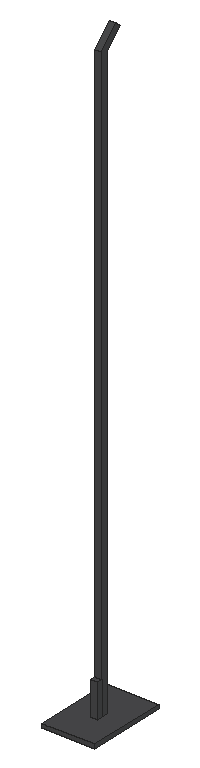
Revit family "REEDEN 3W_LZ68E1WW", category Luminarias, Revit 2019
Family settings
  Cota de conector redondo = Diámetro de uso
  Tipo de pieza = Normal
  Se basa en plano de trabajo = Sí
  Siempre vertical = No
  Corte con vacíos al cargar = No
  Origen de luz = Sí
  Compartido = No
  Punto de cálculo de habitación = No
Parameters (values of type "REEDEN 3W_LZ68E1WW")
  Ángulo de inclinación = 90.00°
  Ángulo de enfoque = 30.00°
  Ángulo de campo de foco = 90.00°
  Zone [instance] = ""
  Watt per fixture = 4
  Wattage = 4 W
  built-in parameter 1150107 = 3000 (stored number, unit not read)
  built-in parameter 1150110 = 1 (stored number, unit not read)
  built-in parameter 1150109 = 1 (stored number, unit not read)
  built-in parameter 1150112 = 1 (stored number, unit not read)
  built-in parameter 1150113 = 1 (stored number, unit not read)
  built-in parameter 1114218 = 1 (stored number, unit not read)
  Keynote = ""
  built-in parameter 1150137 = (empty or 0)
  built-in parameter 1150132 = (empty or 0)
  Modelo = "LZ68E1WW"
  Lámpara = "CITIZEN"
  Longitud de símbolo de origen de luz = 100 mm
  built-in parameter 1150105 = 678.74 (stored number, unit not read)
  built-in parameter 1150102 = (empty or 0)
  built-in parameter 1150106 = 6.7874 (stored number, unit not read)
  Lumens = 203 lm
  Color Filter = 16777215
  built-in parameter 1114217 = 1 (stored number, unit not read)
  built-in parameter 1150139 = (empty or 0)
  Fabricante = "BRILLANT"
  Default Elevation = 0 mm
  built-in parameter 1150104 = 4.7148 (stored number, unit not read)
  Descripción = "LUMINARIA DE PIE DISPONIBLE A UNA ALTURA DE 900MM CON CUERPO DE ALUMINIO Y VIDRIO, IP 54 USO PARA INTERIORES CON UN PESO DE 1.1KG, CUENTA CON 1 LED CITIZEN CON UNA POTENCIA TOTAL DE 4W, A UNA TEMPERATURA EN BLANCO CALIDO 3000K CON 203 LUMENES, EFICIENCIA DE 50.75LM/W, IRC 80, APERTURA A 120 GRADOS EN STOCK, 0.05mA EN CORRIENTE DE OPERACIÓN, ALIMENTADA A 90-240V."
  built-in parameter 1150115 = 1 (stored number, unit not read)
  built-in parameter 1150114 = 1 (stored number, unit not read)
  Comentarios de vataje = "90-240V"
  built-in parameter 1150138 = (empty or 0)
  built-in parameter 1150134 = (empty or 0)
  Circuit [instance] = ""
  Dimming Lamp Color Temperature Shift = (empty or 0)
  built-in parameter 1150133 = 10 (stored number, unit not read)
Reference planes
  plane 1 "Centro (Frontal/Posterior)": y = 0
  plane 2: z = 0
  plane 3 "Centro (Izquierda/Derecha)": x = 0
  plane 4: z = 900
  plane 5: through (0, 274.778, 664.161) normal (0, 0.7071, 0.7071)
  plane 6: through (0, 259.775, 649.157) normal (0, 0.7071, 0.7071)
Forms (mm)
  Extrusion 1, solid, material "Plastico"
    sketch origin (0, 0, 0) x (1, 0, 0) y (0, 1, 0)
      loop
        line (-40, 60) -> (-40, -60) -> (40, -60) -> (40, 60) -> (-40, 60)
    from 0 to 5.401
  Extrusion 2, solid, material "Plastico"
    sketch origin (0, 0, 0) x (0, 1, 0) y (0, 0, 1)
      loop
        line (-3.524, 5.401) -> (6.476, 5.401) -> (6.476, 895.858) -> (30.788, 920.17) -> (23.716, 927.241) -> (-3.524, 900) -> (-3.524, 5.401)
    from -5 to 5
  Extrusion 3, void
    sketch origin (0, 281.81, 111.365) x (1, 0, 0) y (0, 0.707107, 0.707107)
      loop
        arc (-0.664, 387.833) -> (-1.327, 387.558) -> (-1.602, 386.895) r 0.938
        line (-1.602, 386.895) -> (-1.602, 367.546)
        arc (-1.602, 367.546) -> (-1.327, 366.883) -> (-0.664, 366.608) r 0.938
        line (-0.664, 366.608) -> (0.664, 366.608)
        arc (0.664, 366.608) -> (1.327, 366.883) -> (1.602, 367.546) r 0.938
        line (1.602, 367.546) -> (1.602, 386.895)
        arc (1.602, 386.895) -> (1.327, 387.558) -> (0.664, 387.833) r 0.938
        line (0.664, 387.833) -> (-0.664, 387.833)
    from 752.638 to 749.411
  Extrusion 4, solid, material "Glass"
    sketch origin (0, 281.81, 111.365) x (1, 0, 0) y (0, 0.707107, 0.707107)
      loop
        arc (-0.664, 387.833) -> (-1.327, 387.558) -> (-1.602, 386.895) r 0.938
        line (-1.602, 386.895) -> (-1.602, 367.528)
        arc (-1.602, 367.528) -> (-1.327, 366.864) -> (-0.664, 366.59) r 0.938
        line (-0.664, 366.59) -> (0.664, 366.59)
        arc (0.664, 366.59) -> (1.327, 366.864) -> (1.602, 367.528) r 0.938
        line (1.602, 367.528) -> (1.602, 386.895)
        arc (1.602, 386.895) -> (1.327, 387.558) -> (0.664, 387.833) r 0.938
        line (0.664, 387.833) -> (-0.664, 387.833)
    from 749.444 to 751.361
  Extrusion 5, solid, material "Plastico"
    sketch origin (0, 0, 0) x (1, 0, 0) y (0, 1, 0)
      loop
        line (-5, -3.524) -> (-5, -11.727) -> (5, -11.727) -> (5, -3.524) -> (-5, -3.524)
    from 5.401 to 55.506
Cuts and joins
  Extrusion 3 cuts Extrusion 1
  Extrusion 3 cuts Extrusion 2
Dimensions and locks
  locked: Extrusion 2 sketch curve to Extrusion 2 sketch curve at 10  (x2)
  equal spacing: Extrusion 2, plane 3 "Centro (Izquierda/Derecha)", Extrusion 2
  Extrusion 2 to plane 3 "Centro (Izquierda/Derecha)" = 5 mm
  Extrusion 2 to Extrusion 2 = 10 mm
  equal spacing: Extrusion 3 sketch curve, plane 3 "Centro (Izquierda/Derecha)", Extrusion 3 sketch curve
  locked: Extrusion 4 to Extrusion 4 at 1.917
  Extrusion 5 to cut or joined group of Extrusion 1, Extrusion 3 = 50.105 mm
  locked: cut or joined group of Extrusion 2, Extrusion 3 to cut or joined group of Extrusion 2, Extrusion 3 at 10
  plane 6 to plane 5 to cut or joined group of Extrusion 2, Extrusion 3 = 21.218 mm locked, 8.498 mm locked
  plane 4 to level = 900 mm
  cut or joined group of Extrusion 1, Extrusion 3 to cut or joined group of Extrusion 1, Extrusion 3 = 80 mm
  equal spacing: cut or joined group of Extrusion 1, Extrusion 3, plane 3 "Centro (Izquierda/Derecha)", cut or joined group of Extrusion 1, Extrusion 3
  cut or joined group of Extrusion 1, Extrusion 3 to plane 3 "Centro (Izquierda/Derecha)" = 40 mm
  equal spacing: cut or joined group of Extrusion 1, Extrusion 3, plane 1 "Centro (Frontal/Posterior)", cut or joined group of Extrusion 1, Extrusion 3
  cut or joined group of Extrusion 1, Extrusion 3 to plane 1 "Centro (Frontal/Posterior)" = 60 mm
  cut or joined group of Extrusion 1, Extrusion 3 to cut or joined group of Extrusion 1, Extrusion 3 = 120 mm
  aligned and locked: level to plane 2
  aligned and locked: Extrusion 5 to cut or joined group of Extrusion 1, Extrusion 3
  aligned and locked: Extrusion 2 to Extrusion 5
  aligned and locked: cut or joined group of Extrusion 2, Extrusion 3 to Extrusion 4
  aligned and locked: cut or joined group of Extrusion 2, Extrusion 3 to Extrusion 3
Automatic sketch dimensions
  Extrusion 1 sketch curve to plane 3 "Centro (Izquierda/Derecha)" = 40 mm
  plane 3 "Centro (Izquierda/Derecha)" to Extrusion 1 sketch curve = 40 mm
  plane 1 "Centro (Frontal/Posterior)" to Extrusion 1 sketch curve = 60 mm
  Extrusion 1 sketch curve to plane 1 "Centro (Frontal/Posterior)" = 60 mm
  Extrusion 5 sketch curve to plane 3 "Centro (Izquierda/Derecha)" = 5 mm
  plane 3 "Centro (Izquierda/Derecha)" to Extrusion 5 sketch curve = 5 mm
  plane 1 "Centro (Frontal/Posterior)" to Extrusion 5 sketch curve = 11.727 mm
  plane 1 "Centro (Frontal/Posterior)" to Extrusion 5 sketch curve = 3.524 mm
  Extrusion 2 sketch curve to plane 4 = 0 mm
  Extrusion 2 sketch curve to plane 1 "Centro (Frontal/Posterior)" = 23.716 mm
  level to Extrusion 2 sketch curve = 5.401 mm
  Extrusion 4 sketch curve to plane 3 "Centro (Izquierda/Derecha)" = 1.602 mm
  Extrusion 4 sketch curve to plane 3 "Centro (Izquierda/Derecha)" = 0.664 mm  (x2)
  plane 3 "Centro (Izquierda/Derecha)" to Extrusion 4 sketch curve = 0.664 mm  (x2)
  Extrusion 4 sketch curve to Extrusion 4 sketch curve = 0.938 mm
  Extrusion 4 sketch curve to Extrusion 4 sketch curve = 19.368 mm
  Extrusion 3 sketch curve to plane 3 "Centro (Izquierda/Derecha)" = 1.602 mm
  Extrusion 3 sketch curve to plane 3 "Centro (Izquierda/Derecha)" = 0.664 mm  (x2)
  plane 3 "Centro (Izquierda/Derecha)" to Extrusion 3 sketch curve = 0.664 mm  (x2)
  plane 6 to Extrusion 3 sketch curve = 1.913 mm
  plane 5 to Extrusion 3 sketch curve = 0.982 mm
  Extrusion 2 sketch curve to plane 1 "Centro (Frontal/Posterior)" = 6.476 mm
  plane 4 to Extrusion 2 sketch curve = 20.17 mm
Connectors
  electrical at (0, 0, 0)
    settings: on cut or joined group of Extrusion 1, Extrusion 3, index 1, voltage 240 V, apparent load 0 VA, apparent load phase1 0 VA, apparent load phase2 0 VA, apparent load phase3 0 VA, power factor 1, load classification "Otro", number of poles 1, system type 31, power factor state 1, is connector primary yes, connector utility no, sub classification motor no, connector description ""
